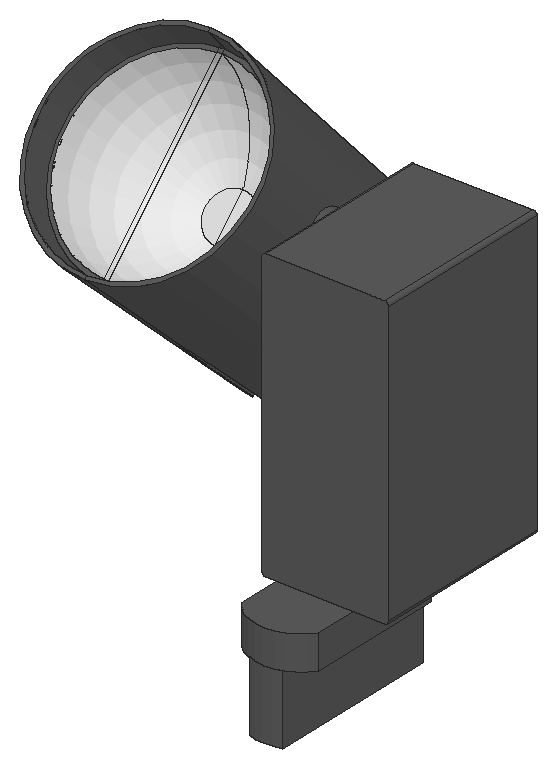
Revit family "0004847 Feilo Sylvania Lighting Fixture START TRACK SPOT S 14W 4K RA80 NB BLACK", category Lighting Fixtures, host Face, Revit 2017
Family settings
  Host = Face
  Round Connector Dimension = Use Diameter
  Part Type = Normal
  OmniClass Number = 23.80.70.00
  OmniClass Title = Lighting
  Cut with Voids When Loaded = No
  Light Source = No
  Shared = No
  Room Calculation Point = No
Parameters (values of type "0004847 START TRACK SPOT S 14W 4K RA80 NB BLACK")
  Weight = "0.94 kg"
  Wattage Comments = ""
  WarrantyStartDate [instance] = "n/a"
  WarrantyGuarantorParts = "n/a"
  WarrantyDurationUnit = "n/a"
  WarrantyDurationParts = "n/a"
  WarrantyDescription = "n/a"
  Voltage = 230 V
  URL = "http://www.sylvania-lighting.com"
  TypeName = "START TRACK SPOT S 14W 4K RA80 NB BLACK"
  TypeHead_FEILO = Start Track Spot Head : 0004847 START TRACK SPOT S 14W 4K RA80 NB BLACK
  TypeBox_FEILO = Start Track Spot Box : Type Small Black
  Type Image = <None>
  Type Comments = "n/a"
  VerticalRotation_FEILO [instance] = 0.00°
  SlideEndAngle_FEILO [instance] = VerticalRotation_FEILO + 180.00°  # 180.00°
  SerialNumber [instance] = "n/a"
  Material_3_FEILO = none
  PowerFactor = 0.92
  PowerConsumption = "14 W"
  NominalLength = 0 mm
  NominalHeight = 200 mm
  NominalDepth = 140 mm
  Name = "START TRACK SPOT S 14W 4K RA80 NB BLACK"
  ModelReference = Name  # "START TRACK SPOT S 14W 4K RA80 NB BLACK"
  ModelNumber = "0004847"
  Model = Name  # "START TRACK SPOT S 14W 4K RA80 NB BLACK"
  Material = "adc12 aluminium housing, polycarbonate diffuser"
  ManufacturerName = "Feilo Sylvania"
  Manufacturer = "Feilo Sylvania"
  LuminousEfficacy = "115 lm/W"
  LuminaireType = ""
  LightOutputRatio = "100"
  LampsType = Lamp  # "LED"
  LampNominalLuminous = "1608 lm"
  LampMacAdamStep = "3"
  LampColourTemperature = "4000 K"
  LampColourRenderingIndex = "80"
  Lamp = "LED"
  Keynote = "16500"
  InstallationDate [instance] = "n/a"
  InputVoltage = "230-240V~"
  InputNominalFrequency = "50/60 Hz"
  IngressProtection = "IP20"
  ImpactProtectionIndex = "IK02"
  IfcExportType = "IfcLightFixtureType"
  IfcExportAs = "IfcLightFixtureType"
  HorizontalRotation_FEILO [instance] = 45.00°
  ExpectedLife = 50000
  ElectricShockClassification = "Class II"
  DurationUnit = "hours"
  DocumentationLiterature = "http://www.sylvania-lighting.com/product/en-int/products/0004847"
  DimmingControlOptions = "Non dimmable"
  Material_2_FEILO = none
  Description = "Integrated LED spotlight, Textured Black - RAL9005, compact and minimalist design, ideal for retail applications, die-cast aluminium body, passive cooling heatsink. Beam angle: 12°, color temperature: 4000K , total system power: 14W, total fixture output: 1608 lm, LOR: 100%, colour rendering: Ra: 80 typical, LED Chromaticity: 3 step MacAdam ellipse, lifetime: >50000 hours at L70B50, energy class: A++, A+, A, IR/UV free light source without heat radiation, operating voltage: 220-240V / 50-60Hz, drive current: 350mA, electronic driver, non-dimmable, power factor: 0.92, electrical protection: Class II, Global Track 3 Phase adapter suitable for Global trac 3-circuit tracks, ingress protection rating: IP20, suitable for internal environment only, horizontal rotation: 355°, vertical tilt: 90°, dimensions: Ø86x140x200, weight: 0.940kg."
  Default Elevation = 1219.2 mm
  CreatedOn = "12/12/2017"
  CreatedBy = ""
  Cost = 0
  built-in parameter 1114216 [instance] = (empty or 0)
  ClassificationValue = "EF_70_80"
  ClassificationName = "Uniclass2015"
  Material_1_FEILO = Body-Sylvania-StartTrackSpot-Black
  BarCode [instance] = "n/a"
  AssetType = "Fixed"
  AssetIdentifier [instance] = "n/a"
  Assembly Code = "D5020200"
  Apparent Load = 14 VA
  Material_4_FEILO = none
Reference planes
  plane 1 "Center (Front/Back)": y = 0
  plane 2: z = 0
  plane 3 "Center (Left/Right)": x = 0
  plane 4: x = 15
  plane 5: x = -15
  plane 6: y = 35
  plane 7: y = -35
  plane 8: z = 13
  plane 9: z = -27
  plane 10: x = 6.5
  plane 11: x = -6.5
  plane 12: y = 27
  plane 13: y = -27
  plane 14: y = 20
Forms (mm)
  Extrusion 1, solid, material "Body-Sylvania-StartTrackSpot-Black" <- "Material_1_FEILO"
    sketch origin (0, 0, 0) x (1, 0, 0) y (0, 1, 0)
      loop
        line (-15, 27) -> (-15, -27)
        arc (-15, -27) -> (0, -35) -> (15, -27) r 18.062
        line (15, -27) -> (15, 27)
        arc (15, 27) -> (0, 35) -> (-15, 27) r 18.062
    from 0 to 13
  Extrusion 2, solid, material "Body-Sylvania-StartTrackSpot-Black" <- "Material_1_FEILO"
    sketch origin (0, 0, 0) x (1, 0, 0) y (0, 1, 0)
      loop
        arc (6.5, 33.79) -> (0, 35) -> (-6.5, 33.79) r 18.062
        line (-6.5, 33.79) -> (-6.5, -33.79)
        arc (-6.5, -33.79) -> (0, -35) -> (6.5, -33.79) r 18.062
        line (6.5, -33.79) -> (6.5, 33.79)
    from 0 to -27
  Revolve 3, solid, not visible
    sketch origin (1524, 20, 1219.2) x (1, 0, 0) y (0, 0, 1)
      loop
        line (-1524, -1206.2) -> (-1524, -1191.285) -> (-1530.5, -1191.285) -> (-1530.5, -1206.2) -> (-1524, -1206.2)
      axis (-1524, -1191.285) -> (-1524, -1206.2)
    angle from 0 <- "VerticalRotation_FEILO" to 180 <- "SlideEndAngle_FEILO"
Cuts and joins
  joined: Extrusion 1, Extrusion 2
Dimensions and locks
  equal spacing: plane 10, plane 3 "Center (Left/Right)", plane 11
  equal spacing: plane 4, plane 3 "Center (Left/Right)", plane 5
  locked: plane 8 to plane 2 at 13
  locked: plane 8 to plane 9 at 40
  equal spacing: plane 13, plane 1 "Center (Front/Back)", plane 12
  locked: plane 12 to plane 6 at 8
  locked: plane 14 to plane 6 at 15
  locked: Revolve 3 sketch curve to plane 8 at 14.915
  aligned and locked: plane 2 to host face
  aligned and locked: level to host face
  aligned and locked: plane 5 to Extrusion 1 sketch curve  (x2)
  aligned and locked: plane 12 to Extrusion 1 sketch curve
  aligned and locked: plane 13 to Extrusion 1 sketch curve
  aligned and locked: plane 4 to Extrusion 1 sketch curve
  aligned and locked: Extrusion 1 to plane 8
  aligned and locked: Extrusion 1 to level
  aligned and locked: Extrusion 2 sketch curve to Extrusion 1  (x2)
  aligned and locked: Extrusion 2 sketch curve to plane 11
  aligned and locked: plane 10 to Extrusion 2 sketch curve
  aligned and locked: plane 9 to Extrusion 2
  aligned and locked: level to Extrusion 2
  aligned and locked: Revolve 3 sketch curve to plane 3 "Center (Left/Right)"  (x2)
  aligned and locked: plane 11 to Revolve 3 sketch curve
  aligned and locked: Revolve 3 sketch curve to plane 8
Automatic sketch dimensions
  host sketch curve to host sketch curve = 2438.4 mm  (x2)
  Extrusion 1 sketch curve to plane 3 "Center (Left/Right)" = 0 mm  (x2)
  Extrusion 1 sketch curve to plane 13 = 10.062 mm
  plane 12 to Extrusion 1 sketch curve = 10.062 mm
  Revolve 3 sketch curve to plane 3 "Center (Left/Right)" = 0 mm
  plane 9 to Revolve 3 sketch curve = 582.6 mm
  Revolve 3 sketch curve to Revolve 3 sketch curve = 2581.144 mm
Nested families
  nested 1: "Start Track Spot Head" at (-62, 20, 112.529) x (0, 0.7071, 0.7071) z (0, 0.7071, -0.7071), type <- "TypeHead_FEILO", type "0004847 START TRACK SPOT S 14W 4K RA80 NB BLACK"
    with built-in parameter 1114216 (empty or 0)
  nested 2: "Start Track Spot Box" at (8.5, 20, 73) x (-1, 0, 0) z (0, -1, 0), BoxStartAngle_FEILO <- "HorizontalRotation_FEILO", type <- "TypeBox_FEILO", type "Type Small Black"
    with BoxStartAngle_FEILO 45.00°, BoxEndAngle_FEILO -135.00°
Connectors
  electrical at (0, 0, 0), driven by "Apparent Load", driven by "PowerFactor", driven by "Voltage"
    settings: index 1, voltage 230 V, apparent load 14 VA, apparent load phase1 0 VA, apparent load phase2 0 VA, apparent load phase3 0 VA, power factor 0.92, load classification "Lighting", number of poles 1, system type 30, power factor state 1, is connector primary yes, connector utility no, sub classification motor no, connector description ""
Definition of nested family "Start Track Spot Head"
  Parameters (values of type "0004811 START TRACK SPOT S 14W 3K RA80 NB WHITE")
    Wattage Comments = "n/a"
    Wattage = 14 W
    built-in parameter 1150110 = 1 (stored number, unit not read)
    URL = "http://www.feilosylvania.com"
    Type Image = (empty or 0)
    Type Comments = "n/a"
    built-in parameter 1114217 = 1 (stored number, unit not read)
    Tilt Angle = -90.00°
    built-in parameter 1150109 = 1 (stored number, unit not read)
    built-in parameter 1150134 = (empty or 0)
    built-in parameter 1150113 = 1 (stored number, unit not read)
    Photometric Web File = "0004811.ies"
    Material_3_FEILO = none
    Model = "START TRACK SPOT S 14W 3K RA80 NB WHITE"
    Manufacturer = "Feilo Sylvania"
    built-in parameter 1150105 = 123.66 (stored number, unit not read)
    Lumens = 1554 lm
    built-in parameter 1150115 = 1 (stored number, unit not read)
    built-in parameter 1150137 = (empty or 0)
    built-in parameter 1150139 = (empty or 0)
    built-in parameter 1150112 = 1 (stored number, unit not read)
    built-in parameter 1150114 = 1 (stored number, unit not read)
    Lamp = "LED"
    Keynote = "16500"
    Material_2_FEILO = none
    built-in parameter 1150132 = (empty or 0)
    built-in parameter 1150102 = (empty or 0)
    built-in parameter 1150107 = 3000 (stored number, unit not read)
    built-in parameter 1150138 = (empty or 0)
    built-in parameter 1150106 = 1.2366 (stored number, unit not read)
    HeadThickness_FEILO = if(HeadDiaOut_FEILO > 112 mm, 2 mm, 1.5 mm)  # 1.5 mm
    HeadRibOffset_FEILO = HeadHeight_FEILO / 28  # 4.179 mm
    HeadRibDepth_FEILO = HeadHeight_FEILO / 2.1  # 55.714 mm
    HeadRibCutWidth_FEILO = HeadDiaOut_FEILO / 12  # 7.167 mm
    HeadRibCutOffset_FEILO = HeadHeight_FEILO / 2.3  # 50.87 mm
    HeadReflectorRadius_FEILO = HeadDiaOut_FEILO / 1.7  # 50.588 mm
    HeadReflectorOffset_FEILO = HeadHeight_FEILO / 2.1  # 55.714 mm
    HeadLEDRadius_FEILO = HeadDiaOut_FEILO / 9  # 9.556 mm
    HeadHeight_FEILO = 117 mm
    HeadDraft_FEILO = 1 mm
    HeadDiffusorThickness_FEILO = 3 mm
    HeadDiffusorOffset_FEILO = HeadHeight_FEILO / 12.4  # 9.435 mm
    HeadDiaOut_FEILO = 86 mm
    HeadDiaIn_FEILO = HeadDiaOut_FEILO / 1.11  # 77.477 mm
    HeadAxisFromTop_FEILO = HeadHeight_FEILO / 1.687  # 69.354 mm
    Emit from Circle Diameter = HeadDiaIn_FEILO  # 77.477 mm
    Emit Shape Visible in Rendering = no
    built-in parameter 1150104 = 10.312 (stored number, unit not read)
    Dimming Lamp Color Temperature Shift = (empty or 0)
    Description = "Integrated LED spotlight, Textured White - RAL9016, compact and minimalist design, ideal for retail applications, die-cast aluminium body, passive cooling heatsink. Beam angle: 12°, color temperature: 3000K , total system power: 14W, total fixture output: 1551 lm, LOR: 100%, colour rendering: Ra: 80 typical, LED Chromaticity: 3 step MacAdam ellipse, lifetime: >50000 hours at L70B50, energy class: A++, A+, A, IR/UV free light source without heat radiation, operating voltage: 220-240V / 50-60Hz, drive current: 350mA, electronic driver, non-dimmable, power factor: 0.92, electrical protection: Class II, Global Track 3 Phase adapter suitable for Global trac 3-circuit tracks, ingress protection rating: IP20, suitable for internal environment only, horizontal rotation: 355°, vertical tilt: 90°, dimensions: Ø86x140x200, weight: 0.940kg."
    Default Elevation = 1219.2 mm
    Cost = 0
    Color Filter = 16777215
    built-in parameter 1114216 [instance] = (empty or 0)
    Material_1_FEILO = none
    built-in parameter 1114218 = 1 (stored number, unit not read)
    built-in parameter 1150133 = 10 (stored number, unit not read)
    Assembly Code = "D5020200"
    Apparent Load = 14 VA
    Material_4_FEILO = none
  Types (96, lengths in mm): name | Wattage | built-in parameter 1150134 | Photometric Web File | Model | built-in parameter 1150105 | Lumens | built-in parameter 1150107 | built-in parameter 1150106 | HeadThickness_FEILO | HeadRibOffset_FEILO | HeadRibDepth_FEILO | HeadRibCutWidth_FEILO | HeadRibCutOffset_FEILO | HeadReflectorRadius_FEILO | HeadReflectorOffset_FEILO | HeadLEDRadius_FEILO | HeadHeight_FEILO | HeadDiffusorOffset_FEILO | HeadDiaOut_FEILO | HeadDiaIn_FEILO | HeadAxisFromTop_FEILO | Emit from Circle Diameter | built-in parameter 1150104 | Description | Apparent Load
    0004906 START TRACK SPOT L 55W 4K RA90 WB BLACK | 55 W | 12 | "0004906.ies" | "START TRACK SPOT L 55W 4K RA90 WB BLACK" | 385.15 (stored number, unit not read) | 4840 lm | 4000 (stored number, unit not read) | 3.8515 (stored number, unit not read) | 2 | 4.429 | 59.048 | 9.417 | 53.913 | 66.471 | 59.048 | 12.556 | 124 | 10 | 113 | 101.802 | 73.503 | 101.802 | 8.1755 (stored number, unit not read) | "Integrated LED spotlight, Textured Black - RAL9005, compact and minimalist design, ideal for retail applications, die-cast aluminium body, passive cooling heatsink. Beam angle: 52°, color temperature: 4000K , total system power: 55W, total fixture output: 4824 lm, LOR: 100%, colour rendering: Ra: 90 typical, LED Chromaticity: 3 step MacAdam ellipse, lifetime: >50000 hours at L70B50, energy class: A++, A+, A, IR/UV free light source without heat radiation, operating voltage: 220-240V / 50-60Hz, drive current: 1400mA, electronic driver, non-dimmable, power factor: 0.96, electrical protection: Class II, Global Track 3 Phase adapter suitable for Global trac 3-circuit tracks, ingress protection rating: IP20, suitable for internal environment only, horizontal rotation: 355°, vertical tilt: 90°, dimensions: Ø113x164x240, weight: 1.398kg." | 55 VA
    0004905 START TRACK SPOT L 55W 4K RA90 MB BLACK | 55 W | 12 | "0004905.ies" | "START TRACK SPOT L 55W 4K RA90 MB BLACK" | 389.53 (stored number, unit not read) | 4895 lm | 4000 (stored number, unit not read) | 3.8953 (stored number, unit not read) | 2 | 4.429 | 59.048 | 9.417 | 53.913 | 66.471 | 59.048 | 12.556 | 124 | 10 | 113 | 101.802 | 73.503 | 101.802 | 8.2684 (stored number, unit not read) | "Integrated LED spotlight, Textured Black - RAL9005, compact and minimalist design, ideal for retail applications, die-cast aluminium body, passive cooling heatsink. Beam angle: 38°, color temperature: 4000K , total system power: 55W, total fixture output: 4897 lm, LOR: 100%, colour rendering: Ra: 90 typical, LED Chromaticity: 3 step MacAdam ellipse, lifetime: >50000 hours at L70B50, energy class: A++, A+, A, IR/UV free light source without heat radiation, operating voltage: 220-240V / 50-60Hz, drive current: 1400mA, electronic driver, non-dimmable, power factor: 0.96, electrical protection: Class II, Global Track 3 Phase adapter suitable for Global trac 3-circuit tracks, ingress protection rating: IP20, suitable for internal environment only, horizontal rotation: 355°, vertical tilt: 90°, dimensions: Ø113x164x240, weight: 1.398kg." | 55 VA
    0004904 START TRACK SPOT L 55W 4K RA90 NB BLACK | 55 W | 12 | "0004904.ies" | "START TRACK SPOT L 55W 4K RA90 NB BLACK" | 393.91 (stored number, unit not read) | 4950 lm | 4000 (stored number, unit not read) | 3.9391 (stored number, unit not read) | 2 | 4.429 | 59.048 | 9.417 | 53.913 | 66.471 | 59.048 | 12.556 | 124 | 10 | 113 | 101.802 | 73.503 | 101.802 | 8.3613 (stored number, unit not read) | "Integrated LED spotlight, Textured Black - RAL9005, compact and minimalist design, ideal for retail applications, die-cast aluminium body, passive cooling heatsink. Beam angle: 15°, color temperature: 4000K , total system power: 55W, total fixture output: 4965 lm, LOR: 100%, colour rendering: Ra: 90 typical, LED Chromaticity: 3 step MacAdam ellipse, lifetime: >50000 hours at L70B50, energy class: A++, A+, A, IR/UV free light source without heat radiation, operating voltage: 220-240V / 50-60Hz, drive current: 1400mA, electronic driver, non-dimmable, power factor: 0.96, electrical protection: Class II, Global Track 3 Phase adapter suitable for Global trac 3-circuit tracks, ingress protection rating: IP20, suitable for internal environment only, horizontal rotation: 355°, vertical tilt: 90°, dimensions: Ø113x164x240, weight: 1.398kg." | 55 VA
    0004903 START TRACK SPOT L 35W 4K RA90 WB BLACK | 35 W | 12 | "0004903.ies" | "START TRACK SPOT L 35W 4K RA90 WB BLACK" | 284.09 (stored number, unit not read) | 3570 lm | 4000 (stored number, unit not read) | 2.8409 (stored number, unit not read) | 2 | 4.429 | 59.048 | 9.417 | 53.913 | 66.471 | 59.048 | 12.556 | 124 | 10 | 113 | 101.802 | 73.503 | 101.802 | 9.4761 (stored number, unit not read) | "Integrated LED spotlight, Textured Black - RAL9005, compact and minimalist design, ideal for retail applications, die-cast aluminium body, passive cooling heatsink. Beam angle: 52°, color temperature: 4000K , total system power: 35W, total fixture output: 3562 lm, LOR: 100%, colour rendering: Ra: 90 typical, LED Chromaticity: 3 step MacAdam ellipse, lifetime: >50000 hours at L70B50, energy class: A++, A+, A, IR/UV free light source without heat radiation, operating voltage: 220-240V / 50-60Hz, drive current: 900mA, electronic driver, non-dimmable, power factor: 0.93, electrical protection: Class II, Global Track 3 Phase adapter suitable for Global trac 3-circuit tracks, ingress protection rating: IP20, suitable for internal environment only, horizontal rotation: 355°, vertical tilt: 90°, dimensions: Ø113x164x240, weight: 1.368kg." | 35 VA
    0004902 START TRACK SPOT L 35W 4K RA90 MB BLACK | 35 W | 12 | "0004902.ies" | "START TRACK SPOT L 35W 4K RA90 MB BLACK" | 286.88 (stored number, unit not read) | 3605 lm | 4000 (stored number, unit not read) | 2.8688 (stored number, unit not read) | 2 | 4.429 | 59.048 | 9.417 | 53.913 | 66.471 | 59.048 | 12.556 | 124 | 10 | 113 | 101.802 | 73.503 | 101.802 | 9.569 (stored number, unit not read) | "Integrated LED spotlight, Textured Black - RAL9005, compact and minimalist design, ideal for retail applications, die-cast aluminium body, passive cooling heatsink. Beam angle: 38°, color temperature: 4000K , total system power: 35W, total fixture output: 3616 lm, LOR: 100%, colour rendering: Ra: 90 typical, LED Chromaticity: 3 step MacAdam ellipse, lifetime: >50000 hours at L70B50, energy class: A++, A+, A, IR/UV free light source without heat radiation, operating voltage: 220-240V / 50-60Hz, drive current: 900mA, electronic driver, non-dimmable, power factor: 0.93, electrical protection: Class II, Global Track 3 Phase adapter suitable for Global trac 3-circuit tracks, ingress protection rating: IP20, suitable for internal environment only, horizontal rotation: 355°, vertical tilt: 90°, dimensions: Ø113x164x240, weight: 1.368kg." | 35 VA
    0004901 START TRACK SPOT L 35W 4K RA90 NB BLACK | 35 W | 12 | "0004901.ies" | "START TRACK SPOT L 35W 4K RA90 NB BLACK" | 286.88 (stored number, unit not read) | 3605 lm | 4000 (stored number, unit not read) | 2.8688 (stored number, unit not read) | 2 | 4.429 | 59.048 | 9.417 | 53.913 | 66.471 | 59.048 | 12.556 | 124 | 10 | 113 | 101.802 | 73.503 | 101.802 | 9.569 (stored number, unit not read) | "Integrated LED spotlight, Textured Black - RAL9005, compact and minimalist design, ideal for retail applications, die-cast aluminium body, passive cooling heatsink. Beam angle: 15°, color temperature: 4000K , total system power: 35W, total fixture output: 3593 lm, LOR: 100%, colour rendering: Ra: 90 typical, LED Chromaticity: 3 step MacAdam ellipse, lifetime: >50000 hours at L70B50, energy class: A++, A+, A, IR/UV free light source without heat radiation, operating voltage: 220-240V / 50-60Hz, drive current: 900mA, electronic driver, non-dimmable, power factor: 0.93, electrical protection: Class II, Global Track 3 Phase adapter suitable for Global trac 3-circuit tracks, ingress protection rating: IP20, suitable for internal environment only, horizontal rotation: 355°, vertical tilt: 90°, dimensions: Ø113x164x240, weight: 1.368kg." | 35 VA
    0004900 START TRACK SPOT S 24W 4K RA90 WB BLACK | 24 W | 12 | "0004900.ies" | "START TRACK SPOT S 24W 4K RA90 WB BLACK" | 166.16 (stored number, unit not read) | 2088 lm | 4000 (stored number, unit not read) | 1.6616 (stored number, unit not read) | 1.5 | 4.179 | 55.714 | 7.167 | 50.87 | 50.588 | 55.714 | 9.556 | 117 | 9.435 | 86 | 77.477 | 69.354 | 77.477 | 8.0826 (stored number, unit not read) | "Integrated LED spotlight, Textured Black - RAL9005, compact and minimalist design, ideal for retail applications, die-cast aluminium body, passive cooling heatsink. Beam angle: 64°, color temperature: 4000K , total system power: 24W, total fixture output: 2087 lm, LOR: 100%, colour rendering: Ra: 90 typical, LED Chromaticity: 3 step MacAdam ellipse, lifetime: >50000 hours at L70B50, energy class: A++, A+, A, IR/UV free light source without heat radiation, operating voltage: 220-240V / 50-60Hz, drive current: 600mA, electronic driver, non-dimmable, power factor: 0.95, electrical protection: Class II, Global Track 3 Phase adapter suitable for Global trac 3-circuit tracks, ingress protection rating: IP20, suitable for internal environment only, horizontal rotation: 355°, vertical tilt: 90°, dimensions: Ø86x140x200, weight: 0.966kg." | 24 VA
    0004899 START TRACK SPOT S 24W 4K RA90 MB BLACK | 24 W | 12 | "0004899.ies" | "START TRACK SPOT S 24W 4K RA90 MB BLACK" | 169.98 (stored number, unit not read) | 2136 lm | 4000 (stored number, unit not read) | 1.6998 (stored number, unit not read) | 1.5 | 4.179 | 55.714 | 7.167 | 50.87 | 50.588 | 55.714 | 9.556 | 117 | 9.435 | 86 | 77.477 | 69.354 | 77.477 | 8.2684 (stored number, unit not read) | "Integrated LED spotlight, Textured Black - RAL9005, compact and minimalist design, ideal for retail applications, die-cast aluminium body, passive cooling heatsink. Beam angle: 36°, color temperature: 4000K , total system power: 24W, total fixture output: 2141 lm, LOR: 100%, colour rendering: Ra: 90 typical, LED Chromaticity: 3 step MacAdam ellipse, lifetime: >50000 hours at L70B50, energy class: A++, A+, A, IR/UV free light source without heat radiation, operating voltage: 220-240V / 50-60Hz, drive current: 600mA, electronic driver, non-dimmable, power factor: 0.95, electrical protection: Class II, Global Track 3 Phase adapter suitable for Global trac 3-circuit tracks, ingress protection rating: IP20, suitable for internal environment only, horizontal rotation: 355°, vertical tilt: 90°, dimensions: Ø86x140x200, weight: 0.966kg." | 24 VA
    0004898 START TRACK SPOT S 24W 4K RA90 NB BLACK | 24 W | 12 | "0004898.ies" | "START TRACK SPOT S 24W 4K RA90 NB BLACK" | 171.89 (stored number, unit not read) | 2160 lm | 4000 (stored number, unit not read) | 1.7189 (stored number, unit not read) | 1.5 | 4.179 | 55.714 | 7.167 | 50.87 | 50.588 | 55.714 | 9.556 | 117 | 9.435 | 86 | 77.477 | 69.354 | 77.477 | 8.3613 (stored number, unit not read) | "Integrated LED spotlight, Textured Black - RAL9005, compact and minimalist design, ideal for retail applications, die-cast aluminium body, passive cooling heatsink. Beam angle: 12°, color temperature: 4000K , total system power: 24W, total fixture output: 2155 lm, LOR: 100%, colour rendering: Ra: 90 typical, LED Chromaticity: 3 step MacAdam ellipse, lifetime: >50000 hours at L70B50, energy class: A++, A+, A, IR/UV free light source without heat radiation, operating voltage: 220-240V / 50-60Hz, drive current: 600mA, electronic driver, non-dimmable, power factor: 0.95, electrical protection: Class II, Global Track 3 Phase adapter suitable for Global trac 3-circuit tracks, ingress protection rating: IP20, suitable for internal environment only, horizontal rotation: 355°, vertical tilt: 90°, dimensions: Ø86x140x200, weight: 0.966kg." | 24 VA
    0004897 START TRACK SPOT S 14W 4K RA90 WB BLACK | 14 W | 12 | "0004897.ies" | "START TRACK SPOT S 14W 4K RA90 WB BLACK" | 108.07 (stored number, unit not read) | 1358 lm | 4000 (stored number, unit not read) | 1.0807 (stored number, unit not read) | 1.5 | 4.179 | 55.714 | 7.167 | 50.87 | 50.588 | 55.714 | 9.556 | 117 | 9.435 | 86 | 77.477 | 69.354 | 77.477 | 9.0116 (stored number, unit not read) | "Integrated LED spotlight, Textured Black - RAL9005, compact and minimalist design, ideal for retail applications, die-cast aluminium body, passive cooling heatsink. Beam angle: 64°, color temperature: 4000K , total system power: 14W, total fixture output: 1352 lm, LOR: 100%, colour rendering: Ra: 90 typical, LED Chromaticity: 3 step MacAdam ellipse, lifetime: >50000 hours at L70B50, energy class: A++, A+, A, IR/UV free light source without heat radiation, operating voltage: 220-240V / 50-60Hz, drive current: 350mA, electronic driver, non-dimmable, power factor: 0.92, electrical protection: Class II, Global Track 3 Phase adapter suitable for Global trac 3-circuit tracks, ingress protection rating: IP20, suitable for internal environment only, horizontal rotation: 355°, vertical tilt: 90°, dimensions: Ø86x140x200, weight: 0.940kg." | 14 VA
    0004896 START TRACK SPOT S 14W 4K RA90 MB BLACK | 14 W | 12 | "0004896.ies" | "START TRACK SPOT S 14W 4K RA90 MB BLACK" | 108.07 (stored number, unit not read) | 1358 lm | 4000 (stored number, unit not read) | 1.0807 (stored number, unit not read) | 1.5 | 4.179 | 55.714 | 7.167 | 50.87 | 50.588 | 55.714 | 9.556 | 117 | 9.435 | 86 | 77.477 | 69.354 | 77.477 | 9.0116 (stored number, unit not read) | "Integrated LED spotlight, Textured Black - RAL9005, compact and minimalist design, ideal for retail applications, die-cast aluminium body, passive cooling heatsink. Beam angle: 36°, color temperature: 4000K , total system power: 14W, total fixture output: 1359 lm, LOR: 100%, colour rendering: Ra: 90 typical, LED Chromaticity: 3 step MacAdam ellipse, lifetime: >50000 hours at L70B50, energy class: A++, A+, A, IR/UV free light source without heat radiation, operating voltage: 220-240V / 50-60Hz, drive current: 350mA, electronic driver, non-dimmable, power factor: 0.92, electrical protection: Class II, Global Track 3 Phase adapter suitable for Global trac 3-circuit tracks, ingress protection rating: IP20, suitable for internal environment only, horizontal rotation: 355°, vertical tilt: 90°, dimensions: Ø86x140x200, weight: 0.940kg." | 14 VA
    0004895 START TRACK SPOT S 14W 4K RA90 NB BLACK | 14 W | 12 | "0004895.ies" | "START TRACK SPOT S 14W 4K RA90 NB BLACK" | 106.95 (stored number, unit not read) | 1344 lm | 4000 (stored number, unit not read) | 1.0695 (stored number, unit not read) | 1.5 | 4.179 | 55.714 | 7.167 | 50.87 | 50.588 | 55.714 | 9.556 | 117 | 9.435 | 86 | 77.477 | 69.354 | 77.477 | 8.9187 (stored number, unit not read) | "Integrated LED spotlight, Textured Black - RAL9005, compact and minimalist design, ideal for retail applications, die-cast aluminium body, passive cooling heatsink. Beam angle: 12°, color temperature: 4000K , total system power: 14W, total fixture output: 1349 lm, LOR: 100%, colour rendering: Ra: 90 typical, LED Chromaticity: 3 step MacAdam ellipse, lifetime: >50000 hours at L70B50, energy class: A++, A+, A, IR/UV free light source without heat radiation, operating voltage: 220-240V / 50-60Hz, drive current: 350mA, electronic driver, non-dimmable, power factor: 0.92, electrical protection: Class II, Global Track 3 Phase adapter suitable for Global trac 3-circuit tracks, ingress protection rating: IP20, suitable for internal environment only, horizontal rotation: 355°, vertical tilt: 90°, dimensions: Ø86x140x200, weight: 0.940kg." | 14 VA
    0004894 START TRACK SPOT L 55W 3K RA90 WB BLACK | 55 W | (empty or 0) | "0004894.ies" | "START TRACK SPOT L 55W 3K RA90 WB BLACK" | 350.14 (stored number, unit not read) | 4400 lm | 3000 (stored number, unit not read) | 3.5014 (stored number, unit not read) | 2 | 4.429 | 59.048 | 9.417 | 53.913 | 66.471 | 59.048 | 12.556 | 124 | 10 | 113 | 101.802 | 73.503 | 101.802 | 7.4322 (stored number, unit not read) | "Integrated LED spotlight, Textured Black - RAL9005, compact and minimalist design, ideal for retail applications, die-cast aluminium body, passive cooling heatsink. Beam angle: 52°, color temperature: 3000K , total system power: 55W, total fixture output: 4405 lm, LOR: 100%, colour rendering: Ra: 90 typical, LED Chromaticity: 3 step MacAdam ellipse, lifetime: >50000 hours at L70B50, energy class: A++, A+, A, IR/UV free light source without heat radiation, operating voltage: 220-240V / 50-60Hz, drive current: 1400mA, electronic driver, non-dimmable, power factor: 0.96, electrical protection: Class II, Global Track 3 Phase adapter suitable for Global trac 3-circuit tracks, ingress protection rating: IP20, suitable for internal environment only, horizontal rotation: 355°, vertical tilt: 90°, dimensions: Ø113x164x240, weight: 1.398kg." | 55 VA
    0004893 START TRACK SPOT L 55W 3K RA90 MB BLACK | 55 W | (empty or 0) | "0004893.ies" | "START TRACK SPOT L 55W 3K RA90 MB BLACK" | 354.52 (stored number, unit not read) | 4455 lm | 3000 (stored number, unit not read) | 3.5452 (stored number, unit not read) | 2 | 4.429 | 59.048 | 9.417 | 53.913 | 66.471 | 59.048 | 12.556 | 124 | 10 | 113 | 101.802 | 73.503 | 101.802 | 7.5251 (stored number, unit not read) | "Integrated LED spotlight, Textured Black - RAL9005, compact and minimalist design, ideal for retail applications, die-cast aluminium body, passive cooling heatsink. Beam angle: 38°, color temperature: 3000K , total system power: 55W, total fixture output: 4448 lm, LOR: 100%, colour rendering: Ra: 90 typical, LED Chromaticity: 3 step MacAdam ellipse, lifetime: >50000 hours at L70B50, energy class: A++, A+, A, IR/UV free light source without heat radiation, operating voltage: 220-240V / 50-60Hz, drive current: 1400mA, electronic driver, non-dimmable, power factor: 0.96, electrical protection: Class II, Global Track 3 Phase adapter suitable for Global trac 3-circuit tracks, ingress protection rating: IP20, suitable for internal environment only, horizontal rotation: 355°, vertical tilt: 90°, dimensions: Ø113x164x240, weight: 1.398kg." | 55 VA
    0004892 START TRACK SPOT L 55W 3K RA90 NB BLACK | 55 W | (empty or 0) | "0004892.ies" | "START TRACK SPOT L 55W 3K RA90 NB BLACK" | 350.14 (stored number, unit not read) | 4400 lm | 3000 (stored number, unit not read) | 3.5014 (stored number, unit not read) | 2 | 4.429 | 59.048 | 9.417 | 53.913 | 66.471 | 59.048 | 12.556 | 124 | 10 | 113 | 101.802 | 73.503 | 101.802 | 7.4322 (stored number, unit not read) | "Integrated LED spotlight, Textured Black - RAL9005, compact and minimalist design, ideal for retail applications, die-cast aluminium body, passive cooling heatsink. Beam angle: 15°, color temperature: 3000K , total system power: 55W, total fixture output: 4416 lm, LOR: 100%, colour rendering: Ra: 90 typical, LED Chromaticity: 3 step MacAdam ellipse, lifetime: >50000 hours at L70B50, energy class: A++, A+, A, IR/UV free light source without heat radiation, operating voltage: 220-240V / 50-60Hz, drive current: 1400mA, electronic driver, non-dimmable, power factor: 0.96, electrical protection: Class II, Global Track 3 Phase adapter suitable for Global trac 3-circuit tracks, ingress protection rating: IP20, suitable for internal environment only, horizontal rotation: 355°, vertical tilt: 90°, dimensions: Ø113x164x240, weight: 1.398kg." | 55 VA
    0004891 START TRACK SPOT L 35W 3K RA90 WB BLACK | 35 W | (empty or 0) | "0004891.ies" | "START TRACK SPOT L 35W 3K RA90 WB BLACK" | 259.02 (stored number, unit not read) | 3255 lm | 3000 (stored number, unit not read) | 2.5902 (stored number, unit not read) | 2 | 4.429 | 59.048 | 9.417 | 53.913 | 66.471 | 59.048 | 12.556 | 124 | 10 | 113 | 101.802 | 73.503 | 101.802 | 8.64 (stored number, unit not read) | "Integrated LED spotlight, Textured Black - RAL9005, compact and minimalist design, ideal for retail applications, die-cast aluminium body, passive cooling heatsink. Beam angle: 52°, color temperature: 3000K , total system power: 35W, total fixture output: 3260 lm, LOR: 100%, colour rendering: Ra: 90 typical, LED Chromaticity: 3 step MacAdam ellipse, lifetime: >50000 hours at L70B50, energy class: A++, A+, A, IR/UV free light source without heat radiation, operating voltage: 220-240V / 50-60Hz, drive current: 900mA, electronic driver, non-dimmable, power factor: 0.93, electrical protection: Class II, Global Track 3 Phase adapter suitable for Global trac 3-circuit tracks, ingress protection rating: IP20, suitable for internal environment only, horizontal rotation: 355°, vertical tilt: 90°, dimensions: Ø113x164x240, weight: 1.368kg." | 35 VA
    0004890 START TRACK SPOT L 35W 3K RA90 MB BLACK | 35 W | (empty or 0) | "0004890.ies" | "START TRACK SPOT L 35W 3K RA90 MB BLACK" | 261.81 (stored number, unit not read) | 3290 lm | 3000 (stored number, unit not read) | 2.6181 (stored number, unit not read) | 2 | 4.429 | 59.048 | 9.417 | 53.913 | 66.471 | 59.048 | 12.556 | 124 | 10 | 113 | 101.802 | 73.503 | 101.802 | 8.7329 (stored number, unit not read) | "Integrated LED spotlight, Textured Black - RAL9005, compact and minimalist design, ideal for retail applications, die-cast aluminium body, passive cooling heatsink. Beam angle: 38°, color temperature: 3000K , total system power: 35W, total fixture output: 3306 lm, LOR: 100%, colour rendering: Ra: 90 typical, LED Chromaticity: 3 step MacAdam ellipse, lifetime: >50000 hours at L70B50, energy class: A++, A+, A, IR/UV free light source without heat radiation, operating voltage: 220-240V / 50-60Hz, drive current: 900mA, electronic driver, non-dimmable, power factor: 0.93, electrical protection: Class II, Global Track 3 Phase adapter suitable for Global trac 3-circuit tracks, ingress protection rating: IP20, suitable for internal environment only, horizontal rotation: 355°, vertical tilt: 90°, dimensions: Ø113x164x240, weight: 1.368kg." | 35 VA
    0004889 START TRACK SPOT L 35W 3K RA90 NB BLACK | 35 W | (empty or 0) | "0004889.ies" | "START TRACK SPOT L 35W 3K RA90 NB BLACK" | 261.81 (stored number, unit not read) | 3290 lm | 3000 (stored number, unit not read) | 2.6181 (stored number, unit not read) | 2 | 4.429 | 59.048 | 9.417 | 53.913 | 66.471 | 59.048 | 12.556 | 124 | 10 | 113 | 101.802 | 73.503 | 101.802 | 8.7329 (stored number, unit not read) | "Integrated LED spotlight, Textured Black - RAL9005, compact and minimalist design, ideal for retail applications, die-cast aluminium body, passive cooling heatsink. Beam angle: 15°, color temperature: 3000K , total system power: 35W, total fixture output: 3287 lm, LOR: 100%, colour rendering: Ra: 90 typical, LED Chromaticity: 3 step MacAdam ellipse, lifetime: >50000 hours at L70B50, energy class: A++, A+, A, IR/UV free light source without heat radiation, operating voltage: 220-240V / 50-60Hz, drive current: 900mA, electronic driver, non-dimmable, power factor: 0.93, electrical protection: Class II, Global Track 3 Phase adapter suitable for Global trac 3-circuit tracks, ingress protection rating: IP20, suitable for internal environment only, horizontal rotation: 355°, vertical tilt: 90°, dimensions: Ø113x164x240, weight: 1.368kg." | 35 VA
    0004888 START TRACK SPOT S 24W 3K RA90 WB BLACK | 24 W | (empty or 0) | "0004888.ies" | "START TRACK SPOT S 24W 3K RA90 WB BLACK" | 152.79 (stored number, unit not read) | 1920 lm | 3000 (stored number, unit not read) | 1.5279 (stored number, unit not read) | 1.5 | 4.179 | 55.714 | 7.167 | 50.87 | 50.588 | 55.714 | 9.556 | 117 | 9.435 | 86 | 77.477 | 69.354 | 77.477 | 7.4322 (stored number, unit not read) | "Integrated LED spotlight, Textured Black - RAL9005, compact and minimalist design, ideal for retail applications, die-cast aluminium body, passive cooling heatsink. Beam angle: 64°, color temperature: 3000K , total system power: 24W, total fixture output: 1928 lm, LOR: 100%, colour rendering: Ra: 90 typical, LED Chromaticity: 3 step MacAdam ellipse, lifetime: >50000 hours at L70B50, energy class: A++, A+, A, IR/UV free light source without heat radiation, operating voltage: 220-240V / 50-60Hz, drive current: 600mA, electronic driver, non-dimmable, power factor: 0.95, electrical protection: Class II, Global Track 3 Phase adapter suitable for Global trac 3-circuit tracks, ingress protection rating: IP20, suitable for internal environment only, horizontal rotation: 355°, vertical tilt: 90°, dimensions: Ø86x140x200, weight: 0.966kg." | 24 VA
    0004887 START TRACK SPOT S 24W 3K RA90 MB BLACK | 24 W | (empty or 0) | "0004887.ies" | "START TRACK SPOT S 24W 3K RA90 MB BLACK" | 154.7 (stored number, unit not read) | 1944 lm | 3000 (stored number, unit not read) | 1.547 (stored number, unit not read) | 1.5 | 4.179 | 55.714 | 7.167 | 50.87 | 50.588 | 55.714 | 9.556 | 117 | 9.435 | 86 | 77.477 | 69.354 | 77.477 | 7.5251 (stored number, unit not read) | "Integrated LED spotlight, Textured Black - RAL9005, compact and minimalist design, ideal for retail applications, die-cast aluminium body, passive cooling heatsink. Beam angle: 36°, color temperature: 3000K , total system power: 24W, total fixture output: 1944 lm, LOR: 100%, colour rendering: Ra: 90 typical, LED Chromaticity: 3 step MacAdam ellipse, lifetime: >50000 hours at L70B50, energy class: A++, A+, A, IR/UV free light source without heat radiation, operating voltage: 220-240V / 50-60Hz, drive current: 600mA, electronic driver, non-dimmable, power factor: 0.95, electrical protection: Class II, Global Track 3 Phase adapter suitable for Global trac 3-circuit tracks, ingress protection rating: IP20, suitable for internal environment only, horizontal rotation: 355°, vertical tilt: 90°, dimensions: Ø86x140x200, weight: 0.966kg." | 24 VA
    0004886 START TRACK SPOT S 24W 3K RA90 NB BLACK | 24 W | (empty or 0) | "0004886.ies" | "START TRACK SPOT S 24W 3K RA90 NB BLACK" | 158.52 (stored number, unit not read) | 1992 lm | 3000 (stored number, unit not read) | 1.5852 (stored number, unit not read) | 1.5 | 4.179 | 55.714 | 7.167 | 50.87 | 50.588 | 55.714 | 9.556 | 117 | 9.435 | 86 | 77.477 | 69.354 | 77.477 | 7.711 (stored number, unit not read) | "Integrated LED spotlight, Textured Black - RAL9005, compact and minimalist design, ideal for retail applications, die-cast aluminium body, passive cooling heatsink. Beam angle: 12°, color temperature: 3000K , total system power: 24W, total fixture output: 1987 lm, LOR: 100%, colour rendering: Ra: 90 typical, LED Chromaticity: 3 step MacAdam ellipse, lifetime: >50000 hours at L70B50, energy class: A++, A+, A, IR/UV free light source without heat radiation, operating voltage: 220-240V / 50-60Hz, drive current: 600mA, electronic driver, non-dimmable, power factor: 0.95, electrical protection: Class II, Global Track 3 Phase adapter suitable for Global trac 3-circuit tracks, ingress protection rating: IP20, suitable for internal environment only, horizontal rotation: 355°, vertical tilt: 90°, dimensions: Ø86x140x200, weight: 0.966kg." | 24 VA
    0004885 START TRACK SPOT S 14W 3K RA90 WB BLACK | 14 W | (empty or 0) | "0004885.ies" | "START TRACK SPOT S 14W 3K RA90 WB BLACK" | 100.27 (stored number, unit not read) | 1260 lm | 3000 (stored number, unit not read) | 1.0027 (stored number, unit not read) | 1.5 | 4.179 | 55.714 | 7.167 | 50.87 | 50.588 | 55.714 | 9.556 | 117 | 9.435 | 86 | 77.477 | 69.354 | 77.477 | 8.3613 (stored number, unit not read) | "Integrated LED spotlight, Textured Black - RAL9005, compact and minimalist design, ideal for retail applications, die-cast aluminium body, passive cooling heatsink. Beam angle: 64°, color temperature: 3000K , total system power: 14W, total fixture output: 1262 lm, LOR: 100%, colour rendering: Ra: 90 typical, LED Chromaticity: 3 step MacAdam ellipse, lifetime: >50000 hours at L70B50, energy class: A++, A+, A, IR/UV free light source without heat radiation, operating voltage: 220-240V / 50-60Hz, drive current: 350mA, electronic driver, non-dimmable, power factor: 0.92, electrical protection: Class II, Global Track 3 Phase adapter suitable for Global trac 3-circuit tracks, ingress protection rating: IP20, suitable for internal environment only, horizontal rotation: 355°, vertical tilt: 90°, dimensions: Ø86x140x200, weight: 0.940kg." | 14 VA
    0004884 START TRACK SPOT S 14W 3K RA90 MB BLACK | 14 W | (empty or 0) | "0004884.ies" | "START TRACK SPOT S 14W 3K RA90 MB BLACK" | 100.27 (stored number, unit not read) | 1260 lm | 3000 (stored number, unit not read) | 1.0027 (stored number, unit not read) | 1.5 | 4.179 | 55.714 | 7.167 | 50.87 | 50.588 | 55.714 | 9.556 | 117 | 9.435 | 86 | 77.477 | 69.354 | 77.477 | 8.3613 (stored number, unit not read) | "Integrated LED spotlight, Textured Black - RAL9005, compact and minimalist design, ideal for retail applications, die-cast aluminium body, passive cooling heatsink. Beam angle: 36°, color temperature: 3000K , total system power: 14W, total fixture output: 1262 lm, LOR: 100%, colour rendering: Ra: 90 typical, LED Chromaticity: 3 step MacAdam ellipse, lifetime: >50000 hours at L70B50, energy class: A++, A+, A, IR/UV free light source without heat radiation, operating voltage: 220-240V / 50-60Hz, drive current: 350mA, electronic driver, non-dimmable, power factor: 0.92, electrical protection: Class II, Global Track 3 Phase adapter suitable for Global trac 3-circuit tracks, ingress protection rating: IP20, suitable for internal environment only, horizontal rotation: 355°, vertical tilt: 90°, dimensions: Ø86x140x200, weight: 0.940kg." | 14 VA
    0004883 START TRACK SPOT S 14W 3K RA90 NB BLACK | 14 W | (empty or 0) | "0004883.ies" | "START TRACK SPOT S 14W 3K RA90 NB BLACK" | 102.5 (stored number, unit not read) | 1288 lm | 3000 (stored number, unit not read) | 1.025 (stored number, unit not read) | 1.5 | 4.179 | 55.714 | 7.167 | 50.87 | 50.588 | 55.714 | 9.556 | 117 | 9.435 | 86 | 77.477 | 69.354 | 77.477 | 8.5471 (stored number, unit not read) | "Integrated LED spotlight, Textured Black - RAL9005, compact and minimalist design, ideal for retail applications, die-cast aluminium body, passive cooling heatsink. Beam angle: 12°, color temperature: 3000K , total system power: 14W, total fixture output: 1284 lm, LOR: 100%, colour rendering: Ra: 90 typical, LED Chromaticity: 3 step MacAdam ellipse, lifetime: >50000 hours at L70B50, energy class: A++, A+, A, IR/UV free light source without heat radiation, operating voltage: 220-240V / 50-60Hz, drive current: 350mA, electronic driver, non-dimmable, power factor: 0.92, electrical protection: Class II, Global Track 3 Phase adapter suitable for Global trac 3-circuit tracks, ingress protection rating: IP20, suitable for internal environment only, horizontal rotation: 355°, vertical tilt: 90°, dimensions: Ø86x140x200, weight: 0.940kg." | 14 VA
    0004882 START TRACK SPOT L 55W 4K RA90 WB WHITE | 55 W | 12 | "0004882.ies" | "START TRACK SPOT L 55W 4K RA90 WB WHITE" | 385.15 (stored number, unit not read) | 4840 lm | 4000 (stored number, unit not read) | 3.8515 (stored number, unit not read) | 2 | 4.429 | 59.048 | 9.417 | 53.913 | 66.471 | 59.048 | 12.556 | 124 | 10 | 113 | 101.802 | 73.503 | 101.802 | 8.1755 (stored number, unit not read) | "Integrated LED spotlight, Textured White - RAL9016, compact and minimalist design, ideal for retail applications, die-cast aluminium body, passive cooling heatsink. Beam angle: 52°, color temperature: 4000K , total system power: 55W, total fixture output: 4824 lm, LOR: 100%, colour rendering: Ra: 90 typical, LED Chromaticity: 3 step MacAdam ellipse, lifetime: >50000 hours at L70B50, energy class: A++, A+, A, IR/UV free light source without heat radiation, operating voltage: 220-240V / 50-60Hz, drive current: 1400mA, electronic driver, non-dimmable, power factor: 0.96, electrical protection: Class II, Global Track 3 Phase adapter suitable for Global trac 3-circuit tracks, ingress protection rating: IP20, suitable for internal environment only, horizontal rotation: 355°, vertical tilt: 90°, dimensions: Ø113x164x240, weight: 1.398kg." | 55 VA
    0004881 START TRACK SPOT L 55W 4K RA90 MB WHITE | 55 W | 12 | "0004881.ies" | "START TRACK SPOT L 55W 4K RA90 MB WHITE" | 389.53 (stored number, unit not read) | 4895 lm | 4000 (stored number, unit not read) | 3.8953 (stored number, unit not read) | 2 | 4.429 | 59.048 | 9.417 | 53.913 | 66.471 | 59.048 | 12.556 | 124 | 10 | 113 | 101.802 | 73.503 | 101.802 | 8.2684 (stored number, unit not read) | "Integrated LED spotlight, Textured White - RAL9016, compact and minimalist design, ideal for retail applications, die-cast aluminium body, passive cooling heatsink. Beam angle: 38°, color temperature: 4000K , total system power: 55W, total fixture output: 4897 lm, LOR: 100%, colour rendering: Ra: 90 typical, LED Chromaticity: 3 step MacAdam ellipse, lifetime: >50000 hours at L70B50, energy class: A++, A+, A, IR/UV free light source without heat radiation, operating voltage: 220-240V / 50-60Hz, drive current: 1400mA, electronic driver, non-dimmable, power factor: 0.96, electrical protection: Class II, Global Track 3 Phase adapter suitable for Global trac 3-circuit tracks, ingress protection rating: IP20, suitable for internal environment only, horizontal rotation: 355°, vertical tilt: 90°, dimensions: Ø113x164x240, weight: 1.398kg." | 55 VA
    0004880 START TRACK SPOT L 55W 4K RA90 NB WHITE | 55 W | 12 | "0004880.ies" | "START TRACK SPOT L 55W 4K RA90 NB WHITE" | 393.91 (stored number, unit not read) | 4950 lm | 4000 (stored number, unit not read) | 3.9391 (stored number, unit not read) | 2 | 4.429 | 59.048 | 9.417 | 53.913 | 66.471 | 59.048 | 12.556 | 124 | 10 | 113 | 101.802 | 73.503 | 101.802 | 8.3613 (stored number, unit not read) | "Integrated LED spotlight, Textured White - RAL9016, compact and minimalist design, ideal for retail applications, die-cast aluminium body, passive cooling heatsink. Beam angle: 15°, color temperature: 4000K , total system power: 55W, total fixture output: 4965 lm, LOR: 100%, colour rendering: Ra: 90 typical, LED Chromaticity: 3 step MacAdam ellipse, lifetime: >50000 hours at L70B50, energy class: A++, A+, A, IR/UV free light source without heat radiation, operating voltage: 220-240V / 50-60Hz, drive current: 1400mA, electronic driver, non-dimmable, power factor: 0.96, electrical protection: Class II, Global Track 3 Phase adapter suitable for Global trac 3-circuit tracks, ingress protection rating: IP20, suitable for internal environment only, horizontal rotation: 355°, vertical tilt: 90°, dimensions: Ø113x164x240, weight: 1.398kg." | 55 VA
    0004879 START TRACK SPOT L 35W 4K RA90 WB WHITE | 35 W | 12 | "0004879.ies" | "START TRACK SPOT L 35W 4K RA90 WB WHITE" | 284.09 (stored number, unit not read) | 3570 lm | 4000 (stored number, unit not read) | 2.8409 (stored number, unit not read) | 2 | 4.429 | 59.048 | 9.417 | 53.913 | 66.471 | 59.048 | 12.556 | 124 | 10 | 113 | 101.802 | 73.503 | 101.802 | 9.4761 (stored number, unit not read) | "Integrated LED spotlight, Textured White - RAL9016, compact and minimalist design, ideal for retail applications, die-cast aluminium body, passive cooling heatsink. Beam angle: 52°, color temperature: 4000K , total system power: 35W, total fixture output: 3562 lm, LOR: 100%, colour rendering: Ra: 90 typical, LED Chromaticity: 3 step MacAdam ellipse, lifetime: >50000 hours at L70B50, energy class: A++, A+, A, IR/UV free light source without heat radiation, operating voltage: 220-240V / 50-60Hz, drive current: 900mA, electronic driver, non-dimmable, power factor: 0.93, electrical protection: Class II, Global Track 3 Phase adapter suitable for Global trac 3-circuit tracks, ingress protection rating: IP20, suitable for internal environment only, horizontal rotation: 355°, vertical tilt: 90°, dimensions: Ø113x164x240, weight: 1.368kg." | 35 VA
    0004878 START TRACK SPOT L 35W 4K RA90 MB WHITE | 35 W | 12 | "0004878.ies" | "START TRACK SPOT L 35W 4K RA90 MB WHITE" | 286.88 (stored number, unit not read) | 3605 lm | 4000 (stored number, unit not read) | 2.8688 (stored number, unit not read) | 2 | 4.429 | 59.048 | 9.417 | 53.913 | 66.471 | 59.048 | 12.556 | 124 | 10 | 113 | 101.802 | 73.503 | 101.802 | 9.569 (stored number, unit not read) | "Integrated LED spotlight, Textured White - RAL9016, compact and minimalist design, ideal for retail applications, die-cast aluminium body, passive cooling heatsink. Beam angle: 38°, color temperature: 4000K , total system power: 35W, total fixture output: 3616 lm, LOR: 100%, colour rendering: Ra: 90 typical, LED Chromaticity: 3 step MacAdam ellipse, lifetime: >50000 hours at L70B50, energy class: A++, A+, A, IR/UV free light source without heat radiation, operating voltage: 220-240V / 50-60Hz, drive current: 900mA, electronic driver, non-dimmable, power factor: 0.93, electrical protection: Class II, Global Track 3 Phase adapter suitable for Global trac 3-circuit tracks, ingress protection rating: IP20, suitable for internal environment only, horizontal rotation: 355°, vertical tilt: 90°, dimensions: Ø113x164x240, weight: 1.368kg." | 35 VA
    0004877 START TRACK SPOT L 35W 4K RA90 NB WHITE | 35 W | 12 | "0004877.ies" | "START TRACK SPOT L 35W 4K RA90 NB WHITE" | 286.88 (stored number, unit not read) | 3605 lm | 4000 (stored number, unit not read) | 2.8688 (stored number, unit not read) | 2 | 4.429 | 59.048 | 9.417 | 53.913 | 66.471 | 59.048 | 12.556 | 124 | 10 | 113 | 101.802 | 73.503 | 101.802 | 9.569 (stored number, unit not read) | "Integrated LED spotlight, Textured White - RAL9016, compact and minimalist design, ideal for retail applications, die-cast aluminium body, passive cooling heatsink. Beam angle: 15°, color temperature: 4000K , total system power: 35W, total fixture output: 3593 lm, LOR: 100%, colour rendering: Ra: 90 typical, LED Chromaticity: 3 step MacAdam ellipse, lifetime: >50000 hours at L70B50, energy class: A++, A+, A, IR/UV free light source without heat radiation, operating voltage: 220-240V / 50-60Hz, drive current: 900mA, electronic driver, non-dimmable, power factor: 0.93, electrical protection: Class II, Global Track 3 Phase adapter suitable for Global trac 3-circuit tracks, ingress protection rating: IP20, suitable for internal environment only, horizontal rotation: 355°, vertical tilt: 90°, dimensions: Ø113x164x240, weight: 1.368kg." | 35 VA
    0004876 START TRACK SPOT S 24W 4K RA90 WB WHITE | 24 W | 12 | "0004876.ies" | "START TRACK SPOT S 24W 4K RA90 WB WHITE" | 166.16 (stored number, unit not read) | 2088 lm | 4000 (stored number, unit not read) | 1.6616 (stored number, unit not read) | 1.5 | 4.179 | 55.714 | 7.167 | 50.87 | 50.588 | 55.714 | 9.556 | 117 | 9.435 | 86 | 77.477 | 69.354 | 77.477 | 8.0826 (stored number, unit not read) | "Integrated LED spotlight, Textured White - RAL9016, compact and minimalist design, ideal for retail applications, die-cast aluminium body, passive cooling heatsink. Beam angle: 64°, color temperature: 4000K , total system power: 24W, total fixture output: 2087 lm, LOR: 100%, colour rendering: Ra: 90 typical, LED Chromaticity: 3 step MacAdam ellipse, lifetime: >50000 hours at L70B50, energy class: A++, A+, A, IR/UV free light source without heat radiation, operating voltage: 220-240V / 50-60Hz, drive current: 600mA, electronic driver, non-dimmable, power factor: 0.95, electrical protection: Class II, Global Track 3 Phase adapter suitable for Global trac 3-circuit tracks, ingress protection rating: IP20, suitable for internal environment only, horizontal rotation: 355°, vertical tilt: 90°, dimensions: Ø86x140x200, weight: 0.966kg." | 24 VA
    0004875 START TRACK SPOT S 24W 4K RA90 MB WHITE | 24 W | 12 | "0004875.ies" | "START TRACK SPOT S 24W 4K RA90 MB WHITE" | 169.98 (stored number, unit not read) | 2136 lm | 4000 (stored number, unit not read) | 1.6998 (stored number, unit not read) | 1.5 | 4.179 | 55.714 | 7.167 | 50.87 | 50.588 | 55.714 | 9.556 | 117 | 9.435 | 86 | 77.477 | 69.354 | 77.477 | 8.2684 (stored number, unit not read) | "Integrated LED spotlight, Textured White - RAL9016, compact and minimalist design, ideal for retail applications, die-cast aluminium body, passive cooling heatsink. Beam angle: 36°, color temperature: 4000K , total system power: 24W, total fixture output: 2141 lm, LOR: 100%, colour rendering: Ra: 90 typical, LED Chromaticity: 3 step MacAdam ellipse, lifetime: >50000 hours at L70B50, energy class: A++, A+, A, IR/UV free light source without heat radiation, operating voltage: 220-240V / 50-60Hz, drive current: 600mA, electronic driver, non-dimmable, power factor: 0.95, electrical protection: Class II, Global Track 3 Phase adapter suitable for Global trac 3-circuit tracks, ingress protection rating: IP20, suitable for internal environment only, horizontal rotation: 355°, vertical tilt: 90°, dimensions: Ø86x140x200, weight: 0.966kg." | 24 VA
    0004874 START TRACK SPOT S 24W 4K RA90 NB WHITE | 24 W | 12 | "0004874.ies" | "START TRACK SPOT S 24W 4K RA90 NB WHITE" | 171.89 (stored number, unit not read) | 2160 lm | 4000 (stored number, unit not read) | 1.7189 (stored number, unit not read) | 1.5 | 4.179 | 55.714 | 7.167 | 50.87 | 50.588 | 55.714 | 9.556 | 117 | 9.435 | 86 | 77.477 | 69.354 | 77.477 | 8.3613 (stored number, unit not read) | "Integrated LED spotlight, Textured White - RAL9016, compact and minimalist design, ideal for retail applications, die-cast aluminium body, passive cooling heatsink. Beam angle: 12°, color temperature: 4000K , total system power: 24W, total fixture output: 2155 lm, LOR: 100%, colour rendering: Ra: 90 typical, LED Chromaticity: 3 step MacAdam ellipse, lifetime: >50000 hours at L70B50, energy class: A++, A+, A, IR/UV free light source without heat radiation, operating voltage: 220-240V / 50-60Hz, drive current: 600mA, electronic driver, non-dimmable, power factor: 0.95, electrical protection: Class II, Global Track 3 Phase adapter suitable for Global trac 3-circuit tracks, ingress protection rating: IP20, suitable for internal environment only, horizontal rotation: 355°, vertical tilt: 90°, dimensions: Ø86x140x200, weight: 0.966kg." | 24 VA
    0004873 START TRACK SPOT S 14W 4K RA90 WB WHITE | 14 W | 12 | "0004873.ies" | "START TRACK SPOT S 14W 4K RA90 WB WHITE" | 108.07 (stored number, unit not read) | 1358 lm | 4000 (stored number, unit not read) | 1.0807 (stored number, unit not read) | 1.5 | 4.179 | 55.714 | 7.167 | 50.87 | 50.588 | 55.714 | 9.556 | 117 | 9.435 | 86 | 77.477 | 69.354 | 77.477 | 9.0116 (stored number, unit not read) | "Integrated LED spotlight, Textured White - RAL9016, compact and minimalist design, ideal for retail applications, die-cast aluminium body, passive cooling heatsink. Beam angle: 64°, color temperature: 4000K , total system power: 14W, total fixture output: 1352 lm, LOR: 100%, colour rendering: Ra: 90 typical, LED Chromaticity: 3 step MacAdam ellipse, lifetime: >50000 hours at L70B50, energy class: A++, A+, A, IR/UV free light source without heat radiation, operating voltage: 220-240V / 50-60Hz, drive current: 350mA, electronic driver, non-dimmable, power factor: 0.92, electrical protection: Class II, Global Track 3 Phase adapter suitable for Global trac 3-circuit tracks, ingress protection rating: IP20, suitable for internal environment only, horizontal rotation: 355°, vertical tilt: 90°, dimensions: Ø86x140x200, weight: 0.940kg." | 14 VA
    0004872 START TRACK SPOT S 14W 4K RA90 MB WHITE | 14 W | 12 | "0004872.ies" | "START TRACK SPOT S 14W 4K RA90 MB WHITE" | 108.07 (stored number, unit not read) | 1358 lm | 4000 (stored number, unit not read) | 1.0807 (stored number, unit not read) | 1.5 | 4.179 | 55.714 | 7.167 | 50.87 | 50.588 | 55.714 | 9.556 | 117 | 9.435 | 86 | 77.477 | 69.354 | 77.477 | 9.0116 (stored number, unit not read) | "Integrated LED spotlight, Textured White - RAL9016, compact and minimalist design, ideal for retail applications, die-cast aluminium body, passive cooling heatsink. Beam angle: 36°, color temperature: 4000K , total system power: 14W, total fixture output: 1359 lm, LOR: 100%, colour rendering: Ra: 90 typical, LED Chromaticity: 3 step MacAdam ellipse, lifetime: >50000 hours at L70B50, energy class: A++, A+, A, IR/UV free light source without heat radiation, operating voltage: 220-240V / 50-60Hz, drive current: 350mA, electronic driver, non-dimmable, power factor: 0.92, electrical protection: Class II, Global Track 3 Phase adapter suitable for Global trac 3-circuit tracks, ingress protection rating: IP20, suitable for internal environment only, horizontal rotation: 355°, vertical tilt: 90°, dimensions: Ø86x140x200, weight: 0.940kg." | 14 VA
    0004871 START TRACK SPOT S 14W 4K RA90 NB WHITE | 14 W | 12 | "0004871.ies" | "START TRACK SPOT S 14W 4K RA90 NB WHITE" | 106.95 (stored number, unit not read) | 1344 lm | 4000 (stored number, unit not read) | 1.0695 (stored number, unit not read) | 1.5 | 4.179 | 55.714 | 7.167 | 50.87 | 50.588 | 55.714 | 9.556 | 117 | 9.435 | 86 | 77.477 | 69.354 | 77.477 | 8.9187 (stored number, unit not read) | "Integrated LED spotlight, Textured White - RAL9016, compact and minimalist design, ideal for retail applications, die-cast aluminium body, passive cooling heatsink. Beam angle: 12°, color temperature: 4000K , total system power: 14W, total fixture output: 1349 lm, LOR: 100%, colour rendering: Ra: 90 typical, LED Chromaticity: 3 step MacAdam ellipse, lifetime: >50000 hours at L70B50, energy class: A++, A+, A, IR/UV free light source without heat radiation, operating voltage: 220-240V / 50-60Hz, drive current: 350mA, electronic driver, non-dimmable, power factor: 0.92, electrical protection: Class II, Global Track 3 Phase adapter suitable for Global trac 3-circuit tracks, ingress protection rating: IP20, suitable for internal environment only, horizontal rotation: 355°, vertical tilt: 90°, dimensions: Ø86x140x200, weight: 0.940kg." | 14 VA
    0004870 START TRACK SPOT L 55W 3K RA90 WB WHITE | 55 W | (empty or 0) | "0004870.ies" | "START TRACK SPOT L 55W 3K RA90 WB WHITE" | 350.14 (stored number, unit not read) | 4400 lm | 3000 (stored number, unit not read) | 3.5014 (stored number, unit not read) | 2 | 4.429 | 59.048 | 9.417 | 53.913 | 66.471 | 59.048 | 12.556 | 124 | 10 | 113 | 101.802 | 73.503 | 101.802 | 7.4322 (stored number, unit not read) | "Integrated LED spotlight, Textured White - RAL9016, compact and minimalist design, ideal for retail applications, die-cast aluminium body, passive cooling heatsink. Beam angle: 52°, color temperature: 3000K , total system power: 55W, total fixture output: 4405 lm, LOR: 100%, colour rendering: Ra: 90 typical, LED Chromaticity: 3 step MacAdam ellipse, lifetime: >50000 hours at L70B50, energy class: A++, A+, A, IR/UV free light source without heat radiation, operating voltage: 220-240V / 50-60Hz, drive current: 1400mA, electronic driver, non-dimmable, power factor: 0.96, electrical protection: Class II, Global Track 3 Phase adapter suitable for Global trac 3-circuit tracks, ingress protection rating: IP20, suitable for internal environment only, horizontal rotation: 355°, vertical tilt: 90°, dimensions: Ø113x164x240, weight: 1.398kg." | 55 VA
    0004869 START TRACK SPOT L 55W 3K RA90 MB WHITE | 55 W | (empty or 0) | "0004869.ies" | "START TRACK SPOT L 55W 3K RA90 MB WHITE" | 354.52 (stored number, unit not read) | 4455 lm | 3000 (stored number, unit not read) | 3.5452 (stored number, unit not read) | 2 | 4.429 | 59.048 | 9.417 | 53.913 | 66.471 | 59.048 | 12.556 | 124 | 10 | 113 | 101.802 | 73.503 | 101.802 | 7.5251 (stored number, unit not read) | "Integrated LED spotlight, Textured White - RAL9016, compact and minimalist design, ideal for retail applications, die-cast aluminium body, passive cooling heatsink. Beam angle: 38°, color temperature: 3000K , total system power: 55W, total fixture output: 4448 lm, LOR: 100%, colour rendering: Ra: 90 typical, LED Chromaticity: 3 step MacAdam ellipse, lifetime: >50000 hours at L70B50, energy class: A++, A+, A, IR/UV free light source without heat radiation, operating voltage: 220-240V / 50-60Hz, drive current: 1400mA, electronic driver, non-dimmable, power factor: 0.96, electrical protection: Class II, Global Track 3 Phase adapter suitable for Global trac 3-circuit tracks, ingress protection rating: IP20, suitable for internal environment only, horizontal rotation: 355°, vertical tilt: 90°, dimensions: Ø113x164x240, weight: 1.398kg." | 55 VA
    0004868 START TRACK SPOT L 55W 3K RA90 NB WHITE | 55 W | (empty or 0) | "0004868.ies" | "START TRACK SPOT L 55W 3K RA90 NB WHITE" | 350.14 (stored number, unit not read) | 4400 lm | 3000 (stored number, unit not read) | 3.5014 (stored number, unit not read) | 2 | 4.429 | 59.048 | 9.417 | 53.913 | 66.471 | 59.048 | 12.556 | 124 | 10 | 113 | 101.802 | 73.503 | 101.802 | 7.4322 (stored number, unit not read) | "Integrated LED spotlight, Textured White - RAL9016, compact and minimalist design, ideal for retail applications, die-cast aluminium body, passive cooling heatsink. Beam angle: 15°, color temperature: 3000K , total system power: 55W, total fixture output: 4416 lm, LOR: 100%, colour rendering: Ra: 90 typical, LED Chromaticity: 3 step MacAdam ellipse, lifetime: >50000 hours at L70B50, energy class: A++, A+, A, IR/UV free light source without heat radiation, operating voltage: 220-240V / 50-60Hz, drive current: 1400mA, electronic driver, non-dimmable, power factor: 0.96, electrical protection: Class II, Global Track 3 Phase adapter suitable for Global trac 3-circuit tracks, ingress protection rating: IP20, suitable for internal environment only, horizontal rotation: 355°, vertical tilt: 90°, dimensions: Ø113x164x240, weight: 1.398kg." | 55 VA
    0004867 START TRACK SPOT L 35W 3K RA90 WB WHITE | 35 W | (empty or 0) | "0004867.ies" | "START TRACK SPOT L 35W 3K RA90 WB WHITE" | 259.02 (stored number, unit not read) | 3255 lm | 3000 (stored number, unit not read) | 2.5902 (stored number, unit not read) | 2 | 4.429 | 59.048 | 9.417 | 53.913 | 66.471 | 59.048 | 12.556 | 124 | 10 | 113 | 101.802 | 73.503 | 101.802 | 8.64 (stored number, unit not read) | "Integrated LED spotlight, Textured White - RAL9016, compact and minimalist design, ideal for retail applications, die-cast aluminium body, passive cooling heatsink. Beam angle: 52°, color temperature: 3000K , total system power: 35W, total fixture output: 3260 lm, LOR: 100%, colour rendering: Ra: 90 typical, LED Chromaticity: 3 step MacAdam ellipse, lifetime: >50000 hours at L70B50, energy class: A++, A+, A, IR/UV free light source without heat radiation, operating voltage: 220-240V / 50-60Hz, drive current: 900mA, electronic driver, non-dimmable, power factor: 0.93, electrical protection: Class II, Global Track 3 Phase adapter suitable for Global trac 3-circuit tracks, ingress protection rating: IP20, suitable for internal environment only, horizontal rotation: 355°, vertical tilt: 90°, dimensions: Ø113x164x240, weight: 1.368kg." | 35 VA
    0004866 START TRACK SPOT L 35W 3K RA90 MB WHITE | 35 W | (empty or 0) | "0004866.ies" | "START TRACK SPOT L 35W 3K RA90 MB WHITE" | 261.81 (stored number, unit not read) | 3290 lm | 3000 (stored number, unit not read) | 2.6181 (stored number, unit not read) | 2 | 4.429 | 59.048 | 9.417 | 53.913 | 66.471 | 59.048 | 12.556 | 124 | 10 | 113 | 101.802 | 73.503 | 101.802 | 8.7329 (stored number, unit not read) | "Integrated LED spotlight, Textured White - RAL9016, compact and minimalist design, ideal for retail applications, die-cast aluminium body, passive cooling heatsink. Beam angle: 38°, color temperature: 3000K , total system power: 35W, total fixture output: 3306 lm, LOR: 100%, colour rendering: Ra: 90 typical, LED Chromaticity: 3 step MacAdam ellipse, lifetime: >50000 hours at L70B50, energy class: A++, A+, A, IR/UV free light source without heat radiation, operating voltage: 220-240V / 50-60Hz, drive current: 900mA, electronic driver, non-dimmable, power factor: 0.93, electrical protection: Class II, Global Track 3 Phase adapter suitable for Global trac 3-circuit tracks, ingress protection rating: IP20, suitable for internal environment only, horizontal rotation: 355°, vertical tilt: 90°, dimensions: Ø113x164x240, weight: 1.368kg." | 35 VA
    0004865 START TRACK SPOT L 35W 3K RA90 NB WHITE | 35 W | (empty or 0) | "0004865.ies" | "START TRACK SPOT L 35W 3K RA90 NB WHITE" | 261.81 (stored number, unit not read) | 3290 lm | 3000 (stored number, unit not read) | 2.6181 (stored number, unit not read) | 2 | 4.429 | 59.048 | 9.417 | 53.913 | 66.471 | 59.048 | 12.556 | 124 | 10 | 113 | 101.802 | 73.503 | 101.802 | 8.7329 (stored number, unit not read) | "Integrated LED spotlight, Textured White - RAL9016, compact and minimalist design, ideal for retail applications, die-cast aluminium body, passive cooling heatsink. Beam angle: 15°, color temperature: 3000K , total system power: 35W, total fixture output: 3287 lm, LOR: 100%, colour rendering: Ra: 90 typical, LED Chromaticity: 3 step MacAdam ellipse, lifetime: >50000 hours at L70B50, energy class: A++, A+, A, IR/UV free light source without heat radiation, operating voltage: 220-240V / 50-60Hz, drive current: 900mA, electronic driver, non-dimmable, power factor: 0.93, electrical protection: Class II, Global Track 3 Phase adapter suitable for Global trac 3-circuit tracks, ingress protection rating: IP20, suitable for internal environment only, horizontal rotation: 355°, vertical tilt: 90°, dimensions: Ø113x164x240, weight: 1.368kg." | 35 VA
